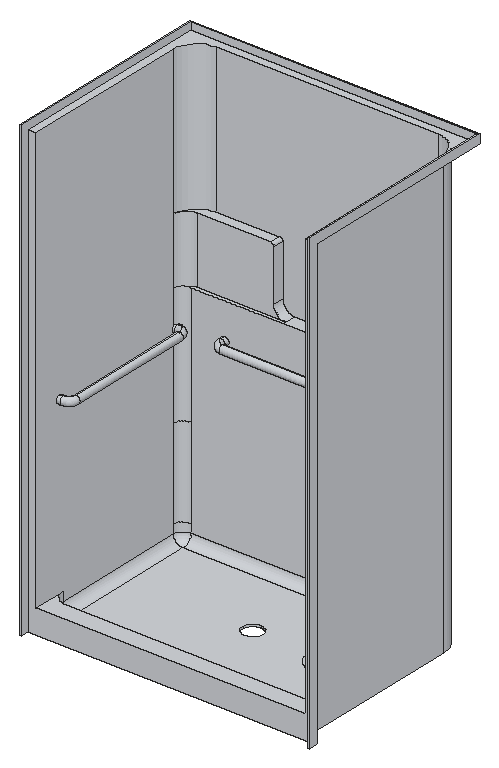
Revit family "OASIS SH-4834 RSLS STD", category Plumbing Fixtures, Revit 2017
Family settings
  Round Connector Dimension = Use Diameter
  Part Type = Normal
  OmniClass Number = 23.45.05.14.21.11
  OmniClass Title = Bath/Shower Units
  Work Plane-Based = No
  Always vertical = Yes
  Cut with Voids When Loaded = No
  Shared = No
  Room Calculation Point = No
Parameters (values of type "BP1 package")
  Stainless steel = none
  Model = "SH-4834(RS,LS)/BP1"
  URL = "www.oasisbath.com"
  Type Comments = "Shower"  # constant formula
  Seat Finish = none
  Sanitary Connector = "Sanitary Connection"  # constant formula
  Product Documentation Link [instance] = "www.oasisbath.com"
  Manufacturer = "OASIS"  # constant formula
  Hot Water Connector = "Hot Water Connection"  # constant formula
  Grab Bar Finish = none
  Bar_Horz_Side = yes
  Bar_Vert = no
  Bar_Horz_Back = yes
  BIM Model By = "www.epoch-design.com"
  Description = ""
  Color = none
  Cold Water Connector = "Cold Water Connection"  # constant formula
Types (3): name | Model | Bar_Horz_Side | Bar_Vert | Bar_Horz_Back
  Base Model, 3SF, 3SM, FH  packages | "SH-4834(RS,LS)/(Base Model,3SF,3SM,FH)" | no | no | no
  BP1 package | "SH-4834(RS,LS)/BP1" | yes | no | yes
  BP2 package | "SH-4834(RS,LS)/BP2" | yes | yes | yes
Reference planes (in)
  plane 1 "Back_Exterior": y = 0
  plane 2 "Floor": z = 0
  plane 3 "Center (Left/Right)": x = 0
  plane 4 "Left_Exterior": x = -24
  plane 5 "Right_Exterior": x = 24
  plane 6 "Top_Rough": z = 75.75
  plane 7 "Front_Flange": y = -35.25
Forms (in)
  Extrusion 1, solid, material <- "Color", detail levels medium+fine
    sketch origin (0, 0, 0) x (1, 0, 0) y (0, 1, 0)
      loop
        line (-24, 0) -> (-24, -35.25) -> (24, -35.25) -> (24, 0) -> (-24, 0)
    from 0 to 75.75
  Extrusion 2, void
    sketch origin (0, 0, 0) x (1, 0, 0) y (0, 1, 0)
      loop
        arc (18.34375, -1.40625) -> (21.34895, -2.65105) -> (22.59375, -5.65625) r 4.25
        line (22.59375, -5.65625) -> (22.59375, -33.75) -> (24, -33.75) -> (24, 0) -> (-24, 0) -> (-24, -33.75) -> (-22.59375, -33.75) -> (-22.59375, -5.65625)
        arc (-22.59375, -5.65625) -> (-21.34895, -2.65105) -> (-18.34375, -1.40625) r 4.25
        line (-18.34375, -1.40625) -> (18.34375, -1.40625)
    from 0 to 74.25128
  Extrusion 3, void
    sketch origin (0, 0, 0) x (1, 0, 0) y (0, 1, 0)
      loop
        line (18.34375, -1.65625) -> (-18.34375, -1.65625)
        arc (-18.34375, -1.65625) -> (-21.17218, -2.82782) -> (-22.34375, -5.65625) r 4
        line (-22.34375, -5.65625) -> (-22.34375, -34) -> (22.34375, -34) -> (22.34375, -5.65625)
        arc (22.34375, -5.65625) -> (21.17218, -2.82782) -> (18.34375, -1.65625) r 4
    from 50 to 75.75
  Extrusion 4, void
    sketch origin (0, 0, 0) x (1, 0, 0) y (0, 1, 0)
      loop
        arc (-22.34375, -5.65625) -> (-21.17218, -2.82782) -> (-18.34375, -1.65625) r 4
        line (-18.34375, -1.65625) -> (18.34375, -1.65625)
        arc (18.34375, -1.65625) -> (21.17218, -2.82782) -> (22.34375, -5.65625) r 4
        line (22.34375, -5.65625) -> (22.34375, -35.25) -> (23.75, -35.25) -> (23.75, -0.25) -> (-23.75, -0.25) -> (-23.75, -35.25) -> (-22.34375, -35.25) -> (-22.34375, -5.65625)
    from 74.5 to 75.75
  Extrusion 5, void
    sketch origin (0, 0, 0) x (1, 0, 0) y (0, 1, 0)
      loop
        line (23.75, -35.25) -> (23.75, -34) -> (-23.75, -34) -> (-23.75, -35.25) -> (23.75, -35.25)
    from 0 to 75.75
  Extrusion 6, void
    sketch origin (0, 0, 0) x (1, 0, 0) y (0, 1, 0)
      loop
        line (-22.34375, -5.65625) -> (-22.34375, -35.25) -> (22.34375, -35.25) -> (22.34375, -5.65625)
        arc (22.34375, -5.65625) -> (21.70305, -4.10945) -> (20.15625, -3.46875) r 2.1875
        line (20.15625, -3.46875) -> (-20.15625, -3.46875)
        arc (-20.15625, -3.46875) -> (-21.70305, -4.10945) -> (-22.34375, -5.65625) r 2.1875
    from 39 to 50
  Extrusion 7, void
    sketch origin (0, 0, 0) x (1, 0, 0) y (0, 1, 0)
      loop
        line (20.65625, -3.96875) -> (-20.65625, -3.96875)
        arc (-20.65625, -3.96875) -> (-21.84949, -4.46301) -> (-22.34375, -5.65625) r 1.6875
        line (-22.34375, -5.65625) -> (-22.34375, -35.25) -> (22.34375, -35.25) -> (22.34375, -5.65625)
        arc (22.34375, -5.65625) -> (21.84949, -4.46301) -> (20.65625, -3.96875) r 1.6875
    from 19 to 39
  Extrusion 8, void
    sketch origin (0, 0, 0) x (1, 0, 0) y (0, 1, 0)
      loop
        line (-24, 0) -> (-24, -33.75) -> (24, -33.75) -> (24, 0) -> (-24, 0)
    from 0 to 0.75
  Extrusion 9, void
    sketch origin (0, 0, 0) x (1, 0, 0) y (0, 1, 0)
      loop
        line (6.34375, -3.96875) -> (-20.65625, -3.96875)
        arc (-20.65625, -3.96875) -> (-21.84949, -4.46301) -> (-22.34375, -5.65625) r 1.6875
        line (-22.34375, -5.65625) -> (-22.34375, -28.5)
        arc (-22.34375, -28.5) -> (-21.61152, -30.26777) -> (-19.84375, -31) r 2.5
        arc (-19.84375, -31) -> (0, -31.90835) -> (19.84375, -31) r 217.20704
        arc (19.84375, -31) -> (21.61152, -30.26777) -> (22.34375, -28.5) r 2.5
        line (22.34375, -28.5) -> (22.34375, -21.5) -> (12.34375, -19)
        arc (12.34375, -19) -> (11.23871, -18.26628) -> (10.84375, -17) r 1.98226
        arc (10.84375, -17) -> (9.82286, -10.05994) -> (6.34375, -3.96875) r 18.9209
    from 1 to 4
  Extrusion 10, void
    sketch origin (0, 0, 0) x (1, 0, 0) y (0, 1, 0)
      loop
        circle (0, -17) r 1.6875
    from 0 to 1
  Sweep 11, solid, material <- "Color", detail levels medium+fine
    path origin (0, 0, 0) x (1, 0, 0) y (0, 1, 0)
      loop
        line (6.34375, -3.96875) -> (-20.65625, -3.96875)
        arc (-20.65625, -3.96875) -> (-21.84949, -4.46301) -> (-22.34375, -5.65625) r 1.6875
        line (-22.34375, -5.65625) -> (-22.34375, -28.5)
        arc (-22.34375, -28.5) -> (-21.61152, -30.26777) -> (-19.84375, -31) r 2.5
        arc (-19.84375, -31) -> (0, -31.90835) -> (19.84375, -31) r 217.20704
        arc (19.84375, -31) -> (21.61152, -30.26777) -> (22.34375, -28.5) r 2.5
        line (22.34375, -28.5) -> (22.34375, -21.5) -> (12.34375, -19)
        arc (12.34375, -19) -> (11.23871, -18.26628) -> (10.84375, -17) r 1.98226
        arc (10.84375, -17) -> (9.82286, -10.05994) -> (6.34375, -3.96875) r 18.9209
    profile origin (-7.15625, -3.96875, 0) x (0, -1, 0) y (0, 0, 1)
      loop
        line (0, 2.5625) -> (0, 1) -> (1.5625, 1)
        arc (1.5625, 1) -> (0.45765, 1.45765) -> (0, 2.5625) r 1.5625
  Extrusion 12, void
    sketch origin (0, -1.65625, 0) x (1, 0, 0) y (0, 0, 1)
      loop
        line (-7.34375, 49.5) -> (-7.34375, 41)
        arc (-7.34375, 41) -> (-6.75796, 39.58579) -> (-5.34375, 39) r 2
        line (-5.34375, 39) -> (5.34375, 39)
        arc (5.34375, 39) -> (6.75796, 39.58579) -> (7.34375, 41) r 2
        line (7.34375, 41) -> (7.34375, 49.5)
        arc (7.34375, 49.5) -> (7.4902, 49.85355) -> (7.84375, 50) r 0.5
        line (7.84375, 50) -> (-7.84375, 50)
        arc (-7.84375, 50) -> (-7.4902, 49.85355) -> (-7.34375, 49.5) r 0.5
    from 0 to 1.8125
  Extrusion 13, void
    sketch origin (0, 0, 0) x (1, 0, 0) y (0, 1, 0)
      loop
        line (6.34375, -3.96875) -> (-20.65625, -3.96875)
        arc (-20.65625, -3.96875) -> (-21.84949, -4.46301) -> (-22.34375, -5.65625) r 1.6875
        line (-22.34375, -5.65625) -> (-22.34375, -34) -> (22.34375, -34) -> (22.34375, -21.5) -> (12.34375, -19)
        arc (12.34375, -19) -> (11.23871, -18.26628) -> (10.84375, -17) r 1.98226
        arc (10.84375, -17) -> (9.82286, -10.05994) -> (6.34375, -3.96875) r 18.9209
    from 4 to 19
  Extrusion 14, void
    sketch origin (0, 0, 0) x (1, 0, 0) y (0, 1, 0)
      loop
        line (-24, 0) -> (-24, -3.46875) -> (24, -3.46875) -> (24, 0) -> (-24, 0)
    from 0 to 37.61758
  Extrusion 15, solid, detail levels coarse
    sketch origin (0, 0, 0) x (1, 0, 0) y (0, 1, 0)
      loop
        line (-24, 0) -> (-24, -35.25) -> (24, -35.25) -> (24, 0) -> (-24, 0)
    from 0 to 75.75
Cuts and joins
  Extrusion 2, Extrusion 3, Extrusion 4, Extrusion 5, Extrusion 6, Extrusion 7, Extrusion 8, Extrusion 9, Extrusion 10, Extrusion 12, Extrusion 13, Extrusion 14 cuts Extrusion 1
  Extrusion 12, Extrusion 13, Extrusion 14 cuts Sweep 11
  joined: Extrusion 1, Sweep 11
Lines and regions (in)
  symbolic lines, style "PlumbingFixturesHiddenLines", detail levels coarse
    curve 1: line (-24, 0, 0) -> (24, -35.25, 0)
    curve 2: line (24, 0, 0) -> (-24, -35.25, 0)
    curve 4: line (-24, -17, 75.75) -> (24, -17, 0)
    curve 5: line (24, -17, 75.75) -> (-24, -17, 0)
    curve 6: line (0, -35.25, 75.75) -> (0, 0, 0)
    curve 7: line (0, 0, 75.75) -> (0, -35.25, 0)
  reference lines
    curve 3: arc (0, -3.21875, 50) -> (0, -3.39553, 49.92678) -> (0, -3.46875, 49.75) r 0.25
    curve 26: arc (-7.84375, -1.65625, 50) -> (-7.4902, -1.65625, 49.85355) -> (-7.34375, -1.65625, 49.5) r 0.5
    curve 27: arc (7.84375, -1.65625, 50) -> (7.4902, -1.65625, 49.85355) -> (7.34375, -1.65625, 49.5) r 0.5
    curve 28: arc (12.34375, -19, 0) -> (11.23871, -18.26628, 0) -> (10.84375, -17, 0) r 1.98226
    curve 29: arc (10.84375, -17, 0) -> (9.82286, -10.05994, 0) -> (6.34375, -3.96875, 0) r 18.9209
  symbolic lines, detail levels medium+fine
    curve 8: line (0, -35.25, 0) -> (0, -35.25, 75.75)
    curve 9: line (0, 0, 74.5) -> (0, 0, 75.75)
    curve 10: line (0, -35.25, 75.75) -> (0, 0, 75.75)
    curve 11: line (0, -35.25, 0) -> (0, -34, 0)
    curve 12: line (0, -34, 74.5) -> (0, 0, 74.5)
    curve 13: line (0, -34, 4) -> (0, -31, 4)
    curve 14: line (0, -29.4375, 1) -> (0, -18.6875, 1)
    curve 15: arc (0, -31, 2.5625) -> (0, -30.54235, 1.45765) -> (0, -29.4375, 1) r 1.5625
    curve 16: arc (0, -3.71875, 39) -> (0, -3.89553, 38.92678) -> (0, -3.96875, 38.75) r 0.25
    curve 17: arc (0, -3.21875, 50) -> (0, -3.39553, 49.92678) -> (0, -3.46875, 49.75) r 0.25
    curve 18: line (0, -3.46875, 39) -> (0, -3.46875, 49.75)
    curve 19: line (0, -3.21875, 50) -> (0, -1.65625, 50)
    curve 20: line (0, -3.96875, 2.5625) -> (0, -3.96875, 38.75)
    curve 21: line (0, -3.71875, 39) -> (0, -1.65625, 39)
    curve 22: line (0, -1.65625, 39) -> (0, -1.65625, 74.5)
    curve 23: line (0, -34, 0) -> (0, -34, 74.5)
    curve 24: arc (0, -3.96875, 2.5625) -> (0, -4.4264, 1.45765) -> (0, -5.53125, 1) r 1.5625
    curve 25: line (0, -31, 2.5625) -> (0, -31, 4)
    curve 42: arc (10.84375, -17, 0) -> (9.82286, -10.05994, 0) -> (6.34375, -3.96875, 0) r 18.9209
    curve 43: arc (12.34375, -19, 0) -> (11.23871, -18.26628, 0) -> (10.84375, -17, 0) r 1.98226
    curve 44: line (22.34375, -21.5, 0) -> (12.34375, -19, 0)
    curve 45: arc (7.95946, -1.65625, 0) -> (9.40437, -2.98656, 0) -> (11.30831, -3.46875, 0) r 4
    curve 46: arc (-7.99489, -1.65625, 0) -> (-9.43981, -2.98656, 0) -> (-11.34375, -3.46875, 0) r 4
    curve 47: line (20.15625, -3.46875, 0) -> (11.30831, -3.46875, 0)
    curve 48: line (20.65625, -3.96875, 0) -> (-20.65625, -3.96875, 0)
    curve 49: line (-11.34375, -3.46875, 0) -> (-20.15625, -3.46875, 0)
    curve 50: arc (22.34375, -5.65625, 0) -> (21.70305, -4.10945, 0) -> (20.15625, -3.46875, 0) r 2.1875
    curve 51: arc (22.34375, -5.65625, 0) -> (21.84949, -4.46301, 0) -> (20.65625, -3.96875, 0) r 1.6875
    curve 52: arc (-20.15625, -3.46875, 0) -> (-21.70305, -4.10945, 0) -> (-22.34375, -5.65625, 0) r 2.1875
    curve 53: arc (-20.65625, -3.96875, 0) -> (-21.84949, -4.46301, 0) -> (-22.34375, -5.65625, 0) r 1.6875
    curve 54: line (-23.75, -0.25, 0) -> (-23.75, -35.25, 0)
    curve 55: line (-22.34375, -5.65625, 0) -> (-22.34375, -34, 0)
    curve 56: line (23.75, -0.25, 0) -> (-23.75, -0.25, 0)
    curve 57: line (18.34375, -1.65625, 0) -> (-18.34375, -1.65625, 0)
    curve 58: line (22.34375, -5.65625, 0) -> (22.34375, -34, 0)
    curve 59: line (23.75, -35.25, 0) -> (23.75, -0.25, 0)
    curve 60: line (23.75, -34, 0) -> (-23.75, -34, 0)
    curve 63: arc (22.34375, -5.65625, 0) -> (21.17218, -2.82782, 0) -> (18.34375, -1.65625, 0) r 4
    curve 64: arc (-18.34375, -1.65625, 0) -> (-21.17218, -2.82782, 0) -> (-22.34375, -5.65625, 0) r 4
    curve 65: line (0, -19.75, 19) -> (0, -3.96875, 19)
    curve 66: line (0, -21.5, 17.25) -> (0, -21.5, 2.5625)
    curve 67: line (0, -21.5, 2.5625) -> (0, -22.71996, 1)
    curve 68: arc (0, -21.5, 17.25) -> (0, -20.98744, 18.48744) -> (0, -19.75, 19) r 1.75
    curve 69: arc (-22.34375, -28.5, 0) -> (-21.61152, -30.26777, 0) -> (-19.84375, -31, 0) r 2.5
    curve 70: arc (-19.84375, -31, 0) -> (0, -31.90835, 0) -> (19.84375, -31, 0) r 217.20704
    curve 71: arc (19.84375, -31, 0) -> (21.61152, -30.26777, 0) -> (22.34375, -28.5, 0) r 2.5
    curve 72: circle (0, -17, 0) r 1.6875 normal (0, 0, 1)
    curve 73: line (-22.34375, -1.65625, 74.5) -> (22.34375, -1.65625, 74.5)
    curve 74: line (-22.34375, -1.65625, 74.5) -> (-22.34375, -1.65625, 4)
    curve 75: line (22.34375, -1.65625, 4) -> (22.34375, -1.65625, 74.5)
    curve 76: line (-22.34375, -1.65625, 4) -> (22.34375, -1.65625, 4)
    curve 77: line (8.09375, -1.65625, 19) -> (22.34375, -1.65625, 19)
    curve 78: line (6.34375, -1.65625, 4) -> (6.34375, -1.65625, 17.25)
    curve 79: arc (6.34375, -1.65625, 17.25) -> (6.85631, -1.65625, 18.48744) -> (8.09375, -1.65625, 19) r 1.75
    curve 80: arc (-7.84375, -1.65625, 50) -> (-7.4902, -1.65625, 49.85355) -> (-7.34375, -1.65625, 49.5) r 0.5
    curve 81: line (-7.34375, -1.65625, 49.5) -> (-7.34375, -1.65625, 41)
    curve 82: arc (-7.34375, -1.65625, 41) -> (-6.75796, -1.65625, 39.58579) -> (-5.34375, -1.65625, 39) r 2
    curve 83: line (-22.34375, -1.65625, 39) -> (22.34375, -1.65625, 39)
    curve 84: arc (5.34375, -1.65625, 39) -> (6.75796, -1.65625, 39.58579) -> (7.34375, -1.65625, 41) r 2
    curve 85: line (7.34375, -1.65625, 41) -> (7.34375, -1.65625, 49.5)
    curve 86: arc (7.34375, -1.65625, 49.5) -> (7.4902, -1.65625, 49.85355) -> (7.84375, -1.65625, 50) r 0.5
    curve 87: line (-22.34375, -1.65625, 50) -> (-7.84375, -1.65625, 50)
    curve 88: arc (-7.84375, -1.65625, 50) -> (-7.4902, -1.65625, 49.85355) -> (-7.34375, -1.65625, 49.5) r 0.5
    curve 89: line (7.84375, -1.65625, 50) -> (22.34375, -1.65625, 50)
    curve 90: line (-23.75, -1.65625, 74.5) -> (23.75, -1.65625, 74.5)
    curve 91: line (-23.75, -1.65625, 75.75) -> (-23.75, -1.65625, 0)
    curve 92: line (23.75, -1.65625, 0) -> (23.75, -1.65625, 75.75)
    curve 96: line (0, -15.3125, 1) -> (0, -5.53125, 1)
    curve 97: arc (-22.34375, -28.5, 0) -> (-21.37541, -29.43295, 0) -> (-20.08328, -29.80509, 0) r 2.79206
    curve 98: arc (22.34375, -28.5, 0) -> (21.37541, -29.43295, 0) -> (20.08328, -29.80509, 0) r 2.79206
    curve 99: arc (-20.08328, -29.80509, 0) -> (0, -30.5, 0) -> (20.08328, -29.80509, 0) r 290.55427
  symbolic lines
    curve 30: line (-24, 0, 0) -> (-24, -35.25, 0)
    curve 31: line (24, 0, 0) -> (-24, 0, 0)
    curve 32: line (24, 0, 0) -> (24, -35.25, 0)
    curve 34: line (-24, -1.65625, 75.75) -> (-24, -1.65625, 0)
    curve 35: line (24, -1.65625, 75.75) -> (24, -1.65625, 0)
    curve 36: line (-24, -1.65625, 75.75) -> (24, -1.65625, 75.75)
    curve 37: line (-24, -1.65625, 0) -> (24, -1.65625, 0)
    curve 61: line (23.75, -35.25, 0) -> (24, -35.25, 0)
    curve 62: line (-24, -35.25, 0) -> (-23.75, -35.25, 0)
  symbolic lines, detail levels coarse
    curve 33: line (24, -35.25, 0) -> (-24, -35.25, 0)
    curve 38: line (0, -35.25, 0) -> (0, -35.25, 75.75)
    curve 39: line (0, -35.25, 75.75) -> (0, 0, 75.75)
    curve 40: line (0, -35.25, 0) -> (0, 0, 0)
    curve 41: line (0, 0, 0) -> (0, 0, 75.75)
  symbolic lines, style "PlumbingFixtures", detail levels medium+fine
    curve 93: line (0, -15.3125, 0.75) -> (0, -18.6875, 0.75)
    curve 94: line (0, -15.3125, 0.75) -> (0, -15.3125, 1)
    curve 95: line (0, -18.6875, 0.75) -> (0, -18.6875, 1)
Dimensions and locks (in)
  locked: Extrusion 4 sketch curve to plane 1 "Back_Exterior" at 0.25
  locked: plane 4 "Left_Exterior" to Extrusion 5 sketch curve at 0.25
  locked: Extrusion 5 sketch curve to plane 5 "Right_Exterior" at 0.25
  aligned and locked: level to plane 2 "Floor"
  aligned and locked: plane 5 "Right_Exterior" to curve 2
  aligned and locked: plane 1 "Back_Exterior" to curve 2
  aligned and locked: plane 4 "Left_Exterior" to curve 1
  aligned and locked: plane 7 "Front_Flange" to curve 2
  aligned and locked: Extrusion 1 sketch curve to plane 4 "Left_Exterior"
  aligned and locked: Extrusion 1 sketch curve to plane 5 "Right_Exterior"
  aligned and locked: Extrusion 1 sketch curve to plane 1 "Back_Exterior"
  aligned and locked: Extrusion 1 sketch curve to plane 7 "Front_Flange"
  aligned and locked: plane 6 "Top_Rough" to Extrusion 1
  aligned and locked: Extrusion 1 to level
  aligned and locked: Extrusion 2 sketch curve to plane 1 "Back_Exterior"
  aligned and locked: Extrusion 2 sketch curve to plane 5 "Right_Exterior"
  aligned and locked: Extrusion 2 sketch curve to plane 4 "Left_Exterior"
  aligned and locked: Extrusion 2 to level
  aligned and locked: plane 6 "Top_Rough" to Extrusion 3
  aligned and locked: plane 6 "Top_Rough" to Extrusion 4
  aligned and locked: plane 7 "Front_Flange" to Extrusion 4 sketch curve
  aligned and locked: Extrusion 4 sketch curve to plane 7 "Front_Flange"
  aligned and locked: Extrusion 5 sketch curve to plane 7 "Front_Flange"
  aligned and locked: Extrusion 5 to level
  aligned and locked: plane 6 "Top_Rough" to Extrusion 5
  aligned and locked: Extrusion 6 sketch curve to plane 7 "Front_Flange"
  aligned and locked: Extrusion 7 sketch curve to plane 7 "Front_Flange"
  aligned and locked: Extrusion 8 sketch curve to plane 4 "Left_Exterior"
  aligned and locked: Extrusion 8 sketch curve to plane 1 "Back_Exterior"
  aligned and locked: Extrusion 8 sketch curve to plane 5 "Right_Exterior"
  aligned and locked: Extrusion 8 to level
  aligned and locked: profile plane to Sweep 11 sketch curve
  aligned and locked: plane 2 "Floor" to curve 4
  aligned and locked: plane 6 "Top_Rough" to curve 4
  aligned and locked: plane 4 "Left_Exterior" to curve 4
  aligned and locked: plane 5 "Right_Exterior" to curve 4
  aligned and locked: plane 6 "Top_Rough" to curve 5
  aligned and locked: plane 5 "Right_Exterior" to curve 5
  aligned and locked: plane 4 "Left_Exterior" to curve 5
  aligned and locked: plane 2 "Floor" to curve 5
  aligned and locked: plane 2 "Floor" to curve 6
  aligned and locked: curve 9 to plane 1 "Back_Exterior"
  aligned and locked: curve 17 to curve 3
  aligned and locked: plane 7 "Front_Flange" to curve 10
  aligned and locked: plane 6 "Top_Rough" to curve 10
  aligned and locked: level to curve 23
  aligned and locked: cut or joined group 1 (Extrusion 1, Extrusion 2, Extrusion 3, Extrusion 4, Extrusion 5, Extrusion 6, Extrusion 7, Extrusion 8, Extrusion 9, Extrusion 10, Sweep 11, Extrusion 12, Extrusion 13, Extrusion 14) to plane 1 "Back_Exterior"
  aligned and locked: plane 1 "Back_Exterior" to curve 10
  aligned and locked: plane 1 "Back_Exterior" to curve 6
  aligned and locked: Extrusion 12 sketch curve to curve 26
  aligned and locked: Extrusion 13 to cut or joined group 1
  aligned and locked: Extrusion 13 sketch curve to curve 28
  aligned and locked: Extrusion 9 sketch curve to curve 29
  aligned and locked: Extrusion 9 sketch curve to curve 28
  aligned and locked: Extrusion 13 sketch curve to curve 29
  aligned and locked: Sweep 11 sketch curve to curve 29
  aligned and locked: Sweep 11 sketch curve to curve 28
  aligned and locked: nested 4 to nested 3
  aligned and locked: Extrusion 14 sketch curve to plane 5 "Right_Exterior"
  aligned and locked: plane 4 "Left_Exterior" to Extrusion 14 sketch curve
  aligned and locked: Extrusion 14 to level
  aligned and locked: plane 1 "Back_Exterior" to Extrusion 14 sketch curve
  aligned and locked: curve 33 to plane 7 "Front_Flange"
  aligned and locked: curve 34 to plane 4 "Left_Exterior"
  aligned and locked: curve 35 to plane 5 "Right_Exterior"
  aligned and locked: curve 36 to plane 6 "Top_Rough"
  aligned and locked: curve 37 to level
  aligned and locked: curve 38 to plane 7 "Front_Flange"
  aligned and locked: curve 40 to level
  aligned and locked: Sweep 11 sketch curve to cut or joined group 1
  aligned and locked: curve 80 to cut or joined group 1
  aligned and locked: curve 82 to cut or joined group 1
  aligned and locked: curve 84 to cut or joined group 1
  aligned and locked: curve 87 to cut or joined group 1
  aligned and locked: curve 88 to cut or joined group 1
  aligned and locked: cut or joined group 1 to curve 89
  aligned and locked: curve 91 to cut or joined group 1
  aligned and locked: curve 92 to cut or joined group 1
  aligned and locked: cut or joined group 1 to curve 93
  aligned and locked: Extrusion 15 sketch curve to plane 4 "Left_Exterior"
  aligned and locked: Extrusion 15 sketch curve to plane 1 "Back_Exterior"
  aligned and locked: Extrusion 15 sketch curve to plane 5 "Right_Exterior"
  aligned and locked: Extrusion 15 sketch curve to plane 7 "Front_Flange"
  aligned and locked: plane 6 "Top_Rough" to Extrusion 15
  aligned and locked: Extrusion 15 to level
Automatic sketch dimensions
  plane 4 "Left_Exterior" to Extrusion 4 sketch curve = 1/4"
  Extrusion 4 sketch curve to plane 5 "Right_Exterior" = 1/4"
  Extrusion 9 sketch curve to plane 3 "Center (Left/Right)" = 0"
  Extrusion 9 sketch curve to plane 1 "Back_Exterior" = 185.2987"
  Sweep 11 sketch curve to Sweep 11 sketch curve = 0"  (x2)
  curve 99 to plane 3 "Center (Left/Right)" = 0"
  curve 70 to plane 3 "Center (Left/Right)" = 0"
  plane 4 "Left_Exterior" to curve 56 = 1/4"
  curve 55 to curve 53 = 1 11/16"
  curve 97 to curve 69 = 0.13563"
  curve 71 to curve 98 = 0.13563"
  curve 56 to plane 5 "Right_Exterior" = 1/4"
  curve 69 to curve 97 = 1.48504"
  curve 71 to curve 98 = 1.48504"
  plane 1 "Back_Exterior" to curve 54 = 1/4"
  curve 45 to curve 70 = 184.76745"
  curve 70 to curve 99 = 74.75557"
  curve 61 to curve 59 = 0"
  curve 85 to curve 89 = 1/2"
  curve 85 to curve 86 = 1/2"
  curve 26 to plane 3 "Center (Left/Right)" = 7 27/32"
  plane 4 "Left_Exterior" to curve 55 = 1 21/32"
  curve 53 to curve 52 = 1/2"
  curve 69 to curve 97 = 2.36437"
  plane 4 "Left_Exterior" to Extrusion 2 sketch curve = 1 13/32"
  plane 4 "Left_Exterior" to Extrusion 9 sketch curve = 4 5/32"
  Extrusion 9 sketch curve to Extrusion 9 sketch curve = 1 11/16"
  Sweep 11 sketch curve to Sweep 11 sketch curve = 1 11/16"
  plane 4 "Left_Exterior" to Extrusion 13 sketch curve = 3 11/32"
  plane 4 "Left_Exterior" to Extrusion 13 sketch curve = 1 21/32"
  plane 1 "Back_Exterior" to curve 22 = 1 21/32"
  plane 1 "Back_Exterior" to curve 57 = 1 21/32"
  Extrusion 2 sketch curve to Extrusion 2 sketch curve = 4 1/4"
  curve 42 to plane 3 "Center (Left/Right)" = 8.06171"
  plane 1 "Back_Exterior" to curve 3 = 3 7/32"
  plane 1 "Back_Exterior" to Extrusion 2 sketch curve = 5 21/32"
  plane 1 "Back_Exterior" to Extrusion 14 sketch curve = 3 15/32"
  curve 93 to curve 94 = 3 3/8"
  curve 47 to curve 48 = 1/2"
  curve 44 to curve 43 = 1.92308"
  plane 4 "Left_Exterior" to Extrusion 9 sketch curve = 3 11/32"
  curve 71 to curve 98 = 2 1/2"
  curve 97 to curve 70 = 0.23953"
  curve 71 to curve 98 = 0.23953"
  Extrusion 9 sketch curve to Extrusion 9 sketch curve = 2 1/2"
  curve 23 to plane 7 "Front_Flange" = 1 1/4"
  curve 61 to curve 60 = 1 1/4"
  Extrusion 2 sketch curve to plane 7 "Front_Flange" = 1 1/2"  (x2)
  Extrusion 3 sketch curve to plane 7 "Front_Flange" = 1 1/4"
  Extrusion 5 sketch curve to plane 7 "Front_Flange" = 1 1/4"
  Extrusion 8 sketch curve to plane 7 "Front_Flange" = 1 1/2"
  Extrusion 13 sketch curve to plane 7 "Front_Flange" = 1 1/4"
  plane 1 "Back_Exterior" to Extrusion 9 sketch curve = 3 31/32"
  plane 1 "Back_Exterior" to Sweep 11 sketch curve = 3 31/32"
  plane 1 "Back_Exterior" to Extrusion 13 sketch curve = 3 31/32"
  curve 42 to curve 45 = 1.61571"
  curve 44 to curve 44 = 10"
  curve 44 to curve 43 = 0.48077"
  plane 3 "Center (Left/Right)" to curve 27 = 7 27/32"
  plane 3 "Center (Left/Right)" to curve 78 = 6 11/32"
  plane 3 "Center (Left/Right)" to curve 44 = 12 11/32"
  curve 57 to curve 56 = 5 13/32"
  curve 48 to curve 47 = 1/2"
  Extrusion 2 sketch curve to plane 5 "Right_Exterior" = 5 21/32"
  Extrusion 2 sketch curve to plane 5 "Right_Exterior" = 1 13/32"
  curve 73 to curve 90 = 1 13/32"
  curve 66 to curve 68 = 1 3/4"
  curve 72 to curve 42 = 0.7641"
  curve 28 to curve 28 = 0.48077"
  curve 55 to curve 69 = 5 1/2"
  Extrusion 9 sketch curve to plane 7 "Front_Flange" = 6 3/4"
  curve 66 to plane 7 "Front_Flange" = 13 3/4"
  curve 66 to curve 14 = 2 13/16"
  curve 67 to curve 66 = 1.21996"
  curve 98 to curve 44 = 8.01496"
  curve 98 to curve 44 = 5.51496"
  Extrusion 9 sketch curve to Extrusion 9 sketch curve = 0.48077"
  Extrusion 9 sketch curve to plane 5 "Right_Exterior" = 4 5/32"
  Sweep 11 sketch curve to Sweep 11 sketch curve = 0.48077"
  Extrusion 13 sketch curve to plane 5 "Right_Exterior" = 1 21/32"
  plane 1 "Back_Exterior" to curve 29 = 16.2359"
  Extrusion 9 sketch curve to Extrusion 9 sketch curve = 7"
  plane 4 "Left_Exterior" to Sweep 11 sketch curve = 4 5/32"
  plane 4 "Left_Exterior" to Sweep 11 sketch curve = 3 11/32"
  Sweep 11 sketch curve to plane 5 "Right_Exterior" = 4 5/32"
  Sweep 11 sketch curve to plane 5 "Right_Exterior" = 1 21/32"
  Sweep 11 sketch curve to Sweep 11 sketch curve = 7"
  plane 1 "Back_Exterior" to Extrusion 13 sketch curve = 19"
  curve 29 to plane 3 "Center (Left/Right)" = 8.06171"
  plane 1 "Back_Exterior" to curve 29 = 3 31/32"
  curve 28 to plane 5 "Right_Exterior" = 11.17548"
  curve 28 to curve 29 = 13.10817"
  plane 3 "Center (Left/Right)" to curve 29 = 6 11/32"
  curve 28 to curve 28 = 1.98077"
  curve 13 to curve 13 = 3"
  curve 15 to curve 14 = 1 9/16"
  plane 1 "Back_Exterior" to curve 96 = 5 17/32"
  curve 23 to plane 6 "Top_Rough" = 1 1/4"
  curve 73 to plane 6 "Top_Rough" = 1 1/4"
  curve 90 to plane 6 "Top_Rough" = 1 1/4"
  Extrusion 12 sketch curve to Extrusion 12 sketch curve = 2"
  plane 3 "Center (Left/Right)" to Extrusion 12 sketch curve = 5 11/32"
  Extrusion 12 sketch curve to Extrusion 12 sketch curve = 1/2"
  curve 16 to curve 16 = 1/4"
  plane 3 "Center (Left/Right)" to Extrusion 12 sketch curve = 7 11/32"
  curve 26 to curve 27 = 0"
  curve 20 to curve 18 = 11"
  curve 3 to plane 6 "Top_Rough" = 26"
  Extrusion 12 sketch curve to Extrusion 12 sketch curve = 8 1/2"
  curve 27 to plane 6 "Top_Rough" = 26 1/4"
  curve 78 to curve 79 = 1 3/4"
  curve 24 to curve 20 = 1 9/16"
  curve 15 to curve 25 = 1 7/16"
  curve 66 to curve 68 = 14 11/16"
  curve 76 to curve 74 = 0"
  curve 93 to curve 96 = 1/4"
  level to curve 14 = 1"
  curve 67 to curve 67 = 1 9/16"
  Sweep 11 sketch curve to profile plane = 0"
  Sweep 11 sketch curve to profile plane = 1 9/16"
  level to Sweep 11 sketch curve = 1"
  Sweep 11 sketch curve to Sweep 11 sketch curve = 1 9/16"
  curve 78 to curve 79 = 13 1/4"
  curve 27 to curve 27 = 1/2"
  curve 26 to curve 26 = 1/2"
  curve 3 to curve 3 = 1/4"
  curve 90 to curve 73 = 1 13/32"
  level to curve 74 = 4"
  curve 75 to curve 76 = 0"
Nested families (in)
  nested 1: "Label Annotation 1-16" at (0, -17.5, 0), type "Label Annotation 1-16", detail levels coarse
  nested 2: "Grab Bar-A" at (-15.09375, -3.96875, 33) x (-1, 0, 0) z (0, -1, 0), visible <- "Bar_Horz_Back", type "24"", detail levels fine
  nested 3: "Grab Bar-A" at (-22.34375, -29.25, 33) x (0, -1, 0) z (1, 0, 0), visible <- "Bar_Horz_Side", type "24"", detail levels fine
  nested 4: "Grab Bar-A" at (-22.34375, -29.25, 37) x (0, 0, -1) z (1, 0, 0), visible <- "Bar_Vert", type "24"", detail levels fine
Definition of nested family "Grab Bar-A"
  Parameters (values of type "24"")
    Radius = Diameter / 2  # 5/8"
    Outside Corner = Diameter * 1.5  # 1 7/8"
    Length = 24"
    Inside Corner = Diameter / 2  # 5/8"
    Diameter = 1 1/4"
    Depth = Diameter  # 1 1/4"
    Default Elevation = 0"
    Material = none
  Reference planes (in)
    plane 1 "Center (Front/Back)": y = 0
    plane 2 "Wall": z = 0
    plane 3 "Right": x = 0
    plane 4 "Left": x = -24
    plane 5: y = 0.625
    plane 6: y = -0.625
    plane 7: x = -23.375
    plane 8: x = -24.625
    plane 9: x = -0.625
    plane 10: x = 0.625
    plane 11: z = 1.25
    plane 12: z = 1.875
    plane 13: z = 2.5
  Forms (in)
    Extrusion 1, solid
      sketch origin (-10.75, -0.25, 0) x (1, 0, 0) y (0, 1, 0)
        loop
          line (-57.75, 48) -> (-57.75, -48) -> (27.8657, -48) -> (27.8657, 48) -> (-57.75, 48)
      from 0 to -12
    Sweep 2, solid, material <- "Material"
      path origin (0, 0, 0) x (1, 0, 0) y (0, 0, 1)
        loop
          line (0, 0) -> (0, 0.75)
          arc (0, 0.75) -> (-0.3295, 1.5455) -> (-1.125, 1.875) r 1.125
          line (-1.125, 1.875) -> (-22.625, 1.875)
          arc (-22.625, 1.875) -> (-23.59727, 1.47227) -> (-24, 0.5) r 1.375
          line (-24, 0.5) -> (-24, 0)
      profile origin (-24, 0, 0.25) x (0, -1, 0) y (1, 0, 0)
        loop
          circle (0, 0) r 0.625
  Lines and regions (in)
    symbolic lines
      curve 1: line (-24.625, 0, 0.625) -> (-24.625, 0, 0)
      curve 2: line (-23.375, 0, 0.625) -> (-23.375, 0, 0)
      curve 3: line (-22.75, 0, 1.25) -> (-1.25, 0, 1.25)
      curve 4: line (-22.75, 0, 2.5) -> (-1.25, 0, 2.5)
      curve 5: line (-0.625, 0, 0.625) -> (-0.625, 0, 0)
      curve 6: line (0.625, 0, 0.625) -> (0.625, 0, 0)
      curve 7: arc (-23.375, 0, 0.625) -> (-23.19194, 0, 1.06694) -> (-22.75, 0, 1.25) r 0.625
      curve 8: arc (-1.25, 0, 1.25) -> (-0.80806, 0, 1.06694) -> (-0.625, 0, 0.625) r 0.625
      curve 9: arc (-24.625, 0, 0.625) -> (-24.07583, 0, 1.95083) -> (-22.75, 0, 2.5) r 1.875
      curve 10: arc (-1.25, 0, 2.5) -> (0.07583, 0, 1.95083) -> (0.625, 0, 0.625) r 1.875
      curve 11: line (-24, 0.625, 0) -> (0, 0.625, 0)
      curve 12: line (-24, -0.625, 0) -> (0, -0.625, 0)
      curve 13: arc (-24.625, 0, 0) -> (-24.44194, 0.44194, 0) -> (-24, 0.625, 0) r 0.625
      curve 14: arc (-24.625, 0, 0) -> (-24.44194, -0.44194, 0) -> (-24, -0.625, 0) r 0.625
      curve 15: arc (0, 0.625, 0) -> (0.44194, 0.44194, 0) -> (0.625, 0, 0) r 0.625
      curve 16: arc (0.625, 0, 0) -> (0.44194, -0.44194, 0) -> (0, -0.625, 0) r 0.625
      curve 17: line (0, -0.625, 1.875) -> (0, -0.625, 0)
      curve 18: line (0, 0.625, 1.875) -> (0, 0.625, 0)
      curve 19: arc (0, -0.625, 1.875) -> (0, -0.44194, 2.31694) -> (0, 0, 2.5) r 0.625
      curve 20: arc (0, 0, 2.5) -> (0, 0.44194, 2.31694) -> (0, 0.625, 1.875) r 0.625
  Dimensions and locks (in)
    "Length": plane 4 "Left" to plane 3 "Right"
    equal spacing: plane 8, plane 4 "Left", plane 7
    "Diameter": plane 8 to plane 7
    equal spacing: plane 9, plane 3 "Right", plane 10
    "Diameter": plane 9 to plane 10
    equal spacing: plane 5, plane 1 "Center (Front/Back)", plane 6
    "Diameter": plane 5 to plane 6
    equal spacing: plane 13, plane 12, plane 11
    "Diameter": plane 13 to plane 11
    "Depth": plane 11 to level
    "Inside Corner": radius of curve 7
    "Outside Corner": radius of curve 9
    "Inside Corner": radius of curve 8
    "Outside Corner": radius of curve 10
    "Radius": radius of curve 13
    "Radius": radius of curve 14
    "Radius": radius of curve 16
    "Radius": radius of curve 15
    "Radius": radius of curve 19
    "Radius": radius of curve 20
    aligned and locked: plane 2 "Wall" to Extrusion 1
    aligned and locked: level to Extrusion 1
    aligned and locked: curve 1 to plane 8
    aligned and locked: curve 2 to plane 7
    aligned and locked: curve 3 to plane 11
    aligned and locked: curve 4 to plane 13
    aligned and locked: curve 5 to plane 9
    aligned and locked: curve 11 to plane 5
    aligned and locked: curve 12 to plane 6
    aligned and locked: curve 17 to plane 6
    aligned and locked: curve 18 to plane 5
    aligned and locked: Sweep 2 sketch curve to plane 4 "Left"
    aligned and locked: Sweep 2 sketch curve to plane 12
    aligned and locked: Sweep 2 sketch curve to plane 3 "Right"
    aligned and locked: Sweep 2 sketch curve to curve 13
  Automatic sketch dimensions
    Extrusion 1 sketch curve to Extrusion 1 sketch curve = 85.6157"
    Extrusion 1 sketch curve to Extrusion 1 sketch curve = 96"
    curve 8 to curve 10 = 0"
    curve 6 to level = 0"
    curve 1 to level = 0"
    curve 2 to level = 0"
    curve 5 to level = 0"
    curve 12 to plane 3 "Right" = 0"
    curve 18 to level = 0"
    curve 17 to curve 18 = 0"
    curve 18 to plane 12 = 0"
    plane 7 to Sweep 2 sketch curve = 3/4"
    level to Sweep 2 sketch curve = 3/4"
    Sweep 2 sketch curve to level = 0"  (x2)
    curve 13 to curve 14 = 0"
    curve 12 to plane 4 "Left" = 0"
Definition of nested family "Label Annotation 1-16"
  Parameters
    Label = ""
  Reference planes (in)
    plane 1: y = 0
    plane 2: x = 0
  Text (in)
    label "Label" at (0.00375, -0.00345, 0), shows "Label"
